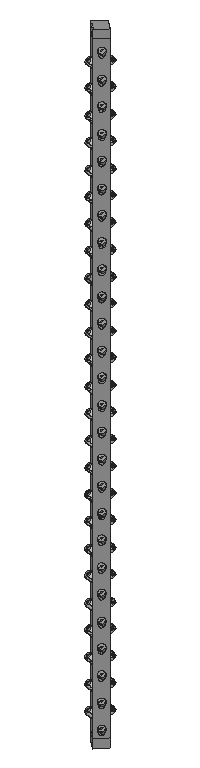
Revit family "Vertical Farm C", category Columns, Revit 2024
Family settings
  OmniClass Number = 23.25.30.11.14.11
  OmniClass Title = Columns
  Cut with Voids When Loaded = No
  Automatically joins geometry to walls = Yes
  Shared = No
  Show family pre-cut in plan views = Yes
Parameters
  top of C = 0' - 0"
  bottom of C = 0' - 0"
  Width = 2' - 0"
  Depth = 2' - 0"
Reference planes (in)
  plane 1 "Center (Front/Back)": y = 0
  plane 2: z = 0
  plane 3 "Center (Left/Right)": x = 0
  plane 4 "Left": x = -12
  plane 5 "Right": x = 12
  plane 6 "Back": y = 12
  plane 7 "Front": y = -12
Forms (in)
  Extrusion 1, solid, not visible
    sketch origin (6.67882, 14.55861, 11.17659) x (0.707107, -0.707107, 0) y (0.5, 0.5, -0.707107)
      loop
        circle (0, 0) r 0.3125
      loop
        circle (0, 0) r 1
    from 0 to -3
  Extrusion 2, solid, not visible
    sketch origin (6.67882, 14.55861, 11.17659) x (0.707107, -0.707107, 0) y (0.5, 0.5, -0.707107)
      loop
        circle (0, 0) r 1
      loop
        circle (0, 0) r 1.125
    from -0.35396 to -3
  Extrusion 3, void, not visible
    sketch origin (6.67882, 14.55861, 11.17659) x (0.707107, -0.707107, 0) y (0.5, 0.5, -0.707107)
      loop
        circle (0, 0) r 1.125
      loop
        circle (0, 0) r 1.09375
    from -0.35396 to -3
  Extrusion 4, solid, not visible
    sketch origin (6.67882, 14.55861, 11.17659) x (0.707107, -0.707107, 0) y (0.5, 0.5, -0.707107)
      loop
        circle (0, 0) r 0.3125
      loop
        circle (0, 0) r 1
    from 0 to -3
  Extrusion 5, solid, not visible
    sketch origin (6.67882, 14.55861, 11.17659) x (0.707107, -0.707107, 0) y (0.5, 0.5, -0.707107)
      loop
        circle (0, 0) r 1
      loop
        circle (0, 0) r 1.125
    from -0.35396 to -3
  Extrusion 6, void, not visible
    sketch origin (6.67882, 14.55861, 11.17659) x (0.707107, -0.707107, 0) y (0.5, 0.5, -0.707107)
      loop
        circle (0, 0) r 1.125
      loop
        circle (0, 0) r 1.09375
    from -0.35396 to -3
  Extrusion 7, solid, not visible
    sketch origin (6.67882, 14.55861, 19.91682) x (0.707107, -0.707107, 0) y (0.5, 0.5, -0.707107)
      loop
        circle (0, 0) r 0.3125
      loop
        circle (0, 0) r 1
    from 0 to -3
  Extrusion 8, solid, not visible
    sketch origin (6.67882, 14.55861, 19.91682) x (0.707107, -0.707107, 0) y (0.5, 0.5, -0.707107)
      loop
        circle (0, 0) r 1
      loop
        circle (0, 0) r 1.125
    from -0.35396 to -3
  Extrusion 9, void, not visible
    sketch origin (6.67882, 14.55861, 19.91682) x (0.707107, -0.707107, 0) y (0.5, 0.5, -0.707107)
      loop
        circle (0, 0) r 1.125
      loop
        circle (0, 0) r 1.09375
    from -0.35396 to -3
  Extrusion 10, solid, not visible
    sketch origin (6.67882, 14.55861, 28.66682) x (0.707107, -0.707107, 0) y (0.5, 0.5, -0.707107)
      loop
        circle (0, 0) r 0.3125
      loop
        circle (0, 0) r 1
    from 0 to -3
  Extrusion 11, solid, not visible
    sketch origin (6.67882, 14.55861, 28.66682) x (0.707107, -0.707107, 0) y (0.5, 0.5, -0.707107)
      loop
        circle (0, 0) r 1
      loop
        circle (0, 0) r 1.125
    from -0.35396 to -3
  Extrusion 12, void, not visible
    sketch origin (6.67882, 14.55861, 28.66682) x (0.707107, -0.707107, 0) y (0.5, 0.5, -0.707107)
      loop
        circle (0, 0) r 1.125
      loop
        circle (0, 0) r 1.09375
    from -0.35396 to -3
  Extrusion 13, solid, not visible
    sketch origin (6.67882, 14.55861, 37.41682) x (0.707107, -0.707107, 0) y (0.5, 0.5, -0.707107)
      loop
        circle (0, 0) r 0.3125
      loop
        circle (0, 0) r 1
    from 0 to -3
  Extrusion 14, solid, not visible
    sketch origin (6.67882, 14.55861, 37.41682) x (0.707107, -0.707107, 0) y (0.5, 0.5, -0.707107)
      loop
        circle (0, 0) r 1
      loop
        circle (0, 0) r 1.125
    from -0.35396 to -3
  Extrusion 15, void, not visible
    sketch origin (6.67882, 14.55861, 37.41682) x (0.707107, -0.707107, 0) y (0.5, 0.5, -0.707107)
      loop
        circle (0, 0) r 1.125
      loop
        circle (0, 0) r 1.09375
    from -0.35396 to -3
  Extrusion 16, solid, not visible
    sketch origin (6.67882, 14.55861, 45.91682) x (0.707107, -0.707107, 0) y (0.5, 0.5, -0.707107)
      loop
        circle (0, 0) r 0.3125
      loop
        circle (0, 0) r 1
    from 0 to -3
  Extrusion 17, solid, not visible
    sketch origin (6.67882, 14.55861, 45.91682) x (0.707107, -0.707107, 0) y (0.5, 0.5, -0.707107)
      loop
        circle (0, 0) r 1
      loop
        circle (0, 0) r 1.125
    from -0.35396 to -3
  Extrusion 18, void, not visible
    sketch origin (6.67882, 14.55861, 45.91682) x (0.707107, -0.707107, 0) y (0.5, 0.5, -0.707107)
      loop
        circle (0, 0) r 1.125
      loop
        circle (0, 0) r 1.09375
    from -0.35396 to -3
  Extrusion 19, solid, not visible
    sketch origin (6.67882, 14.55861, 54.91682) x (0.707107, -0.707107, 0) y (0.5, 0.5, -0.707107)
      loop
        circle (0, 0) r 0.3125
      loop
        circle (0, 0) r 1
    from 0 to -3
  Extrusion 20, solid, not visible
    sketch origin (6.67882, 14.55861, 54.91682) x (0.707107, -0.707107, 0) y (0.5, 0.5, -0.707107)
      loop
        circle (0, 0) r 1
      loop
        circle (0, 0) r 1.125
    from -0.35396 to -3
  Extrusion 21, void, not visible
    sketch origin (6.67882, 14.55861, 54.91682) x (0.707107, -0.707107, 0) y (0.5, 0.5, -0.707107)
      loop
        circle (0, 0) r 1.125
      loop
        circle (0, 0) r 1.09375
    from -0.35396 to -3
  Extrusion 22, solid, not visible
    sketch origin (6.67882, 14.55861, 72.41682) x (0.707107, -0.707107, 0) y (0.5, 0.5, -0.707107)
      loop
        circle (0, 0) r 0.3125
      loop
        circle (0, 0) r 1
    from 0 to -3
  Extrusion 23, solid, not visible
    sketch origin (6.67882, 14.55861, 72.41682) x (0.707107, -0.707107, 0) y (0.5, 0.5, -0.707107)
      loop
        circle (0, 0) r 1
      loop
        circle (0, 0) r 1.125
    from -0.35396 to -3
  Extrusion 24, void, not visible
    sketch origin (6.67882, 14.55861, 72.41682) x (0.707107, -0.707107, 0) y (0.5, 0.5, -0.707107)
      loop
        circle (0, 0) r 1.125
      loop
        circle (0, 0) r 1.09375
    from -0.35396 to -3
  Extrusion 25, solid, not visible
    sketch origin (6.67882, 14.55861, 63.41682) x (0.707107, -0.707107, 0) y (0.5, 0.5, -0.707107)
      loop
        circle (0, 0) r 0.3125
      loop
        circle (0, 0) r 1
    from 0 to -3
  Extrusion 26, solid, not visible
    sketch origin (6.67882, 14.55861, 63.41682) x (0.707107, -0.707107, 0) y (0.5, 0.5, -0.707107)
      loop
        circle (0, 0) r 1
      loop
        circle (0, 0) r 1.125
    from -0.35396 to -3
  Extrusion 27, void, not visible
    sketch origin (6.67882, 14.55861, 63.41682) x (0.707107, -0.707107, 0) y (0.5, 0.5, -0.707107)
      loop
        circle (0, 0) r 1.125
      loop
        circle (0, 0) r 1.09375
    from -0.35396 to -3
  Extrusion 28, solid, not visible
    sketch origin (6.67882, 14.55861, 80.91682) x (0.707107, -0.707107, 0) y (0.5, 0.5, -0.707107)
      loop
        circle (0, 0) r 0.3125
      loop
        circle (0, 0) r 1
    from 0 to -3
  Extrusion 29, solid, not visible
    sketch origin (6.67882, 14.55861, 80.91682) x (0.707107, -0.707107, 0) y (0.5, 0.5, -0.707107)
      loop
        circle (0, 0) r 1
      loop
        circle (0, 0) r 1.125
    from -0.35396 to -3
  Extrusion 30, void, not visible
    sketch origin (6.67882, 14.55861, 80.91682) x (0.707107, -0.707107, 0) y (0.5, 0.5, -0.707107)
      loop
        circle (0, 0) r 1.125
      loop
        circle (0, 0) r 1.09375
    from -0.35396 to -3
  Extrusion 31, solid, material "vert garm", not visible
    sketch origin (-11.45363, -5.51693, 3) x (0.707107, -0.707107, 0) y (0.707107, 0.707107, 0)
      loop
        line (7.73342, 12) -> (4.19788, 15.53553) -> (0.66235, 12) -> (4.19788, 8.46447) -> (7.73342, 12)
    from 0 to 225.28125
  Extrusion 32, solid, material "vert garm", not visible
    sketch origin (-11.45363, -5.51693, 0) x (0.707107, -0.707107, 0) y (0.707107, 0.707107, 0)
      loop
        line (7.73342, 12) -> (4.19788, 15.53553) -> (0.66235, 12) -> (4.19788, 8.46447) -> (7.73342, 12)
    from 0 to 3
  Extrusion 33, solid, material "vert garm", not visible
    sketch origin (0, 0, 231.28125) x (0.707107, -0.707107, 0) y (0.707107, 0.707107, 0)
      loop
        line (-3.53553, 0) -> (0, -3.53553) -> (3.53553, 0) -> (0, 3.53553) -> (-3.53553, 0)
    from -3 to 0
  Extrusion 34, solid, material "vert garm", not visible
    sketch origin (3.5635, 0.05492, 11.17659) x (0, -1, 0) y (0.707107, 0, -0.707107)
      loop
        circle (0, 0) r 0.3125
      loop
        circle (0, 0) r 1
    from 0 to -3
  Extrusion 35, solid, not visible
    sketch origin (3.5635, 0.05492, 11.17659) x (0, -1, 0) y (0.707107, 0, -0.707107)
      loop
        circle (0, 0) r 1
      loop
        circle (0, 0) r 1.125
    from -0.35396 to -3
  Extrusion 36, void, not visible
    sketch origin (3.5635, 0.05492, 11.17659) x (0, -1, 0) y (0.707107, 0, -0.707107)
      loop
        circle (0, 0) r 1.125
      loop
        circle (0, 0) r 1.09375
    from -0.35396 to -3
  Extrusion 37, solid, material "vert garm", not visible
    sketch origin (3.5635, 0.05492, 19.91682) x (0, -1, 0) y (0.707107, 0, -0.707107)
      loop
        circle (0, 0) r 0.3125
      loop
        circle (0, 0) r 1
    from 0 to -3
  Extrusion 38, solid, not visible
    sketch origin (3.5635, 0.05492, 19.91682) x (0, -1, 0) y (0.707107, 0, -0.707107)
      loop
        circle (0, 0) r 1
      loop
        circle (0, 0) r 1.125
    from -0.35396 to -3
  Extrusion 39, void, not visible
    sketch origin (3.5635, 0.05492, 19.91682) x (0, -1, 0) y (0.707107, 0, -0.707107)
      loop
        circle (0, 0) r 1.125
      loop
        circle (0, 0) r 1.09375
    from -0.35396 to -3
  Extrusion 40, solid, material "vert garm", not visible
    sketch origin (3.5635, 0.05492, 28.66682) x (0, -1, 0) y (0.707107, 0, -0.707107)
      loop
        circle (0, 0) r 0.3125
      loop
        circle (0, 0) r 1
    from 0 to -3
  Extrusion 41, solid, not visible
    sketch origin (3.5635, 0.05492, 28.66682) x (0, -1, 0) y (0.707107, 0, -0.707107)
      loop
        circle (0, 0) r 1
      loop
        circle (0, 0) r 1.125
    from -0.35396 to -3
  Extrusion 42, void, not visible
    sketch origin (3.5635, 0.05492, 28.66682) x (0, -1, 0) y (0.707107, 0, -0.707107)
      loop
        circle (0, 0) r 1.125
      loop
        circle (0, 0) r 1.09375
    from -0.35396 to -3
  Extrusion 43, solid, material "vert garm", not visible
    sketch origin (3.5635, 0.05492, 37.41682) x (0, -1, 0) y (0.707107, 0, -0.707107)
      loop
        circle (0, 0) r 0.3125
      loop
        circle (0, 0) r 1
    from 0 to -3
  Extrusion 44, solid, not visible
    sketch origin (3.5635, 0.05492, 37.41682) x (0, -1, 0) y (0.707107, 0, -0.707107)
      loop
        circle (0, 0) r 1
      loop
        circle (0, 0) r 1.125
    from -0.35396 to -3
  Extrusion 45, void, not visible
    sketch origin (3.5635, 0.05492, 37.41682) x (0, -1, 0) y (0.707107, 0, -0.707107)
      loop
        circle (0, 0) r 1.125
      loop
        circle (0, 0) r 1.09375
    from -0.35396 to -3
  Extrusion 46, solid, material "vert garm", not visible
    sketch origin (3.5635, 0.05492, 45.91682) x (0, -1, 0) y (0.707107, 0, -0.707107)
      loop
        circle (0, 0) r 0.3125
      loop
        circle (0, 0) r 1
    from 0 to -3
  Extrusion 47, solid, not visible
    sketch origin (3.5635, 0.05492, 45.91682) x (0, -1, 0) y (0.707107, 0, -0.707107)
      loop
        circle (0, 0) r 1
      loop
        circle (0, 0) r 1.125
    from -0.35396 to -3
  Extrusion 48, void, not visible
    sketch origin (3.5635, 0.05492, 45.91682) x (0, -1, 0) y (0.707107, 0, -0.707107)
      loop
        circle (0, 0) r 1.125
      loop
        circle (0, 0) r 1.09375
    from -0.35396 to -3
  Extrusion 49, solid, material "vert garm", not visible
    sketch origin (3.5635, 0.05492, 54.91682) x (0, -1, 0) y (0.707107, 0, -0.707107)
      loop
        circle (0, 0) r 0.3125
      loop
        circle (0, 0) r 1
    from 0 to -3
  Extrusion 50, solid, not visible
    sketch origin (3.5635, 0.05492, 54.91682) x (0, -1, 0) y (0.707107, 0, -0.707107)
      loop
        circle (0, 0) r 1
      loop
        circle (0, 0) r 1.125
    from -0.35396 to -3
  Extrusion 51, void, not visible
    sketch origin (3.5635, 0.05492, 54.91682) x (0, -1, 0) y (0.707107, 0, -0.707107)
      loop
        circle (0, 0) r 1.125
      loop
        circle (0, 0) r 1.09375
    from -0.35396 to -3
  Extrusion 52, solid, material "vert garm", not visible
    sketch origin (3.5635, 0.05492, 72.41682) x (0, -1, 0) y (0.707107, 0, -0.707107)
      loop
        circle (0, 0) r 0.3125
      loop
        circle (0, 0) r 1
    from 0 to -3
  Extrusion 53, solid, not visible
    sketch origin (3.5635, 0.05492, 72.41682) x (0, -1, 0) y (0.707107, 0, -0.707107)
      loop
        circle (0, 0) r 1
      loop
        circle (0, 0) r 1.125
    from -0.35396 to -3
  Extrusion 54, void, not visible
    sketch origin (3.5635, 0.05492, 72.41682) x (0, -1, 0) y (0.707107, 0, -0.707107)
      loop
        circle (0, 0) r 1.125
      loop
        circle (0, 0) r 1.09375
    from -0.35396 to -3
  Extrusion 55, solid, material "vert garm", not visible
    sketch origin (3.5635, 0.05492, 63.41682) x (0, -1, 0) y (0.707107, 0, -0.707107)
      loop
        circle (0, 0) r 0.3125
      loop
        circle (0, 0) r 1
    from 0 to -3
  Extrusion 56, solid, not visible
    sketch origin (3.5635, 0.05492, 63.41682) x (0, -1, 0) y (0.707107, 0, -0.707107)
      loop
        circle (0, 0) r 1
      loop
        circle (0, 0) r 1.125
    from -0.35396 to -3
  Extrusion 57, void, not visible
    sketch origin (3.5635, 0.05492, 63.41682) x (0, -1, 0) y (0.707107, 0, -0.707107)
      loop
        circle (0, 0) r 1.125
      loop
        circle (0, 0) r 1.09375
    from -0.35396 to -3
  Extrusion 58, solid, material "vert garm", not visible
    sketch origin (3.5635, 0.05492, 80.91682) x (0, -1, 0) y (0.707107, 0, -0.707107)
      loop
        circle (0, 0) r 0.3125
      loop
        circle (0, 0) r 1
    from 0 to -3
  Extrusion 59, solid, not visible
    sketch origin (3.5635, 0.05492, 80.91682) x (0, -1, 0) y (0.707107, 0, -0.707107)
      loop
        circle (0, 0) r 1
      loop
        circle (0, 0) r 1.125
    from -0.35396 to -3
  Extrusion 60, void, not visible
    sketch origin (3.5635, 0.05492, 80.91682) x (0, -1, 0) y (0.707107, 0, -0.707107)
      loop
        circle (0, 0) r 1.125
      loop
        circle (0, 0) r 1.09375
    from -0.35396 to -3
  Extrusion 61, solid, material "vert garm", not visible
    sketch origin (-3.5635, -0.05492, 11.17659) x (0, 1, 0) y (-0.707107, 0, -0.707107)
      loop
        circle (0, 0) r 0.3125
      loop
        circle (0, 0) r 1
    from 0 to -3
  Extrusion 62, solid, not visible
    sketch origin (-3.5635, -0.05492, 11.17659) x (0, 1, 0) y (-0.707107, 0, -0.707107)
      loop
        circle (0, 0) r 1
      loop
        circle (0, 0) r 1.125
    from -0.35396 to -3
  Extrusion 63, void, not visible
    sketch origin (-3.5635, -0.05492, 11.17659) x (0, 1, 0) y (-0.707107, 0, -0.707107)
      loop
        circle (0, 0) r 1.125
      loop
        circle (0, 0) r 1.09375
    from -0.35396 to -3
  Extrusion 64, solid, material "vert garm", not visible
    sketch origin (-3.5635, -0.05492, 19.91682) x (0, 1, 0) y (-0.707107, 0, -0.707107)
      loop
        circle (0, 0) r 0.3125
      loop
        circle (0, 0) r 1
    from 0 to -3
  Extrusion 65, solid, not visible
    sketch origin (-3.5635, -0.05492, 19.91682) x (0, 1, 0) y (-0.707107, 0, -0.707107)
      loop
        circle (0, 0) r 1
      loop
        circle (0, 0) r 1.125
    from -0.35396 to -3
  Extrusion 66, void, not visible
    sketch origin (-3.5635, -0.05492, 19.91682) x (0, 1, 0) y (-0.707107, 0, -0.707107)
      loop
        circle (0, 0) r 1.125
      loop
        circle (0, 0) r 1.09375
    from -0.35396 to -3
  Extrusion 67, solid, material "vert garm", not visible
    sketch origin (-3.5635, -0.05492, 28.66682) x (0, 1, 0) y (-0.707107, 0, -0.707107)
      loop
        circle (0, 0) r 0.3125
      loop
        circle (0, 0) r 1
    from 0 to -3
  Extrusion 68, solid, not visible
    sketch origin (-3.5635, -0.05492, 28.66682) x (0, 1, 0) y (-0.707107, 0, -0.707107)
      loop
        circle (0, 0) r 1
      loop
        circle (0, 0) r 1.125
    from -0.35396 to -3
  Extrusion 69, void, not visible
    sketch origin (-3.5635, -0.05492, 28.66682) x (0, 1, 0) y (-0.707107, 0, -0.707107)
      loop
        circle (0, 0) r 1.125
      loop
        circle (0, 0) r 1.09375
    from -0.35396 to -3
  Extrusion 70, solid, material "vert garm", not visible
    sketch origin (-3.5635, -0.05492, 37.41682) x (0, 1, 0) y (-0.707107, 0, -0.707107)
      loop
        circle (0, 0) r 0.3125
      loop
        circle (0, 0) r 1
    from 0 to -3
  Extrusion 71, solid, not visible
    sketch origin (-3.5635, -0.05492, 37.41682) x (0, 1, 0) y (-0.707107, 0, -0.707107)
      loop
        circle (0, 0) r 1
      loop
        circle (0, 0) r 1.125
    from -0.35396 to -3
  Extrusion 72, void, not visible
    sketch origin (-3.5635, -0.05492, 37.41682) x (0, 1, 0) y (-0.707107, 0, -0.707107)
      loop
        circle (0, 0) r 1.125
      loop
        circle (0, 0) r 1.09375
    from -0.35396 to -3
  Extrusion 73, solid, material "vert garm", not visible
    sketch origin (-3.5635, -0.05492, 45.91682) x (0, 1, 0) y (-0.707107, 0, -0.707107)
      loop
        circle (0, 0) r 0.3125
      loop
        circle (0, 0) r 1
    from 0 to -3
  Extrusion 74, solid, not visible
    sketch origin (-3.5635, -0.05492, 45.91682) x (0, 1, 0) y (-0.707107, 0, -0.707107)
      loop
        circle (0, 0) r 1
      loop
        circle (0, 0) r 1.125
    from -0.35396 to -3
  Extrusion 75, void, not visible
    sketch origin (-3.5635, -0.05492, 45.91682) x (0, 1, 0) y (-0.707107, 0, -0.707107)
      loop
        circle (0, 0) r 1.125
      loop
        circle (0, 0) r 1.09375
    from -0.35396 to -3
  Extrusion 76, solid, material "vert garm", not visible
    sketch origin (-3.5635, -0.05492, 54.91682) x (0, 1, 0) y (-0.707107, 0, -0.707107)
      loop
        circle (0, 0) r 0.3125
      loop
        circle (0, 0) r 1
    from 0 to -3
  Extrusion 77, solid, not visible
    sketch origin (-3.5635, -0.05492, 54.91682) x (0, 1, 0) y (-0.707107, 0, -0.707107)
      loop
        circle (0, 0) r 1
      loop
        circle (0, 0) r 1.125
    from -0.35396 to -3
  Extrusion 78, void, not visible
    sketch origin (-3.5635, -0.05492, 54.91682) x (0, 1, 0) y (-0.707107, 0, -0.707107)
      loop
        circle (0, 0) r 1.125
      loop
        circle (0, 0) r 1.09375
    from -0.35396 to -3
  Extrusion 79, solid, material "vert garm", not visible
    sketch origin (-3.5635, -0.05492, 72.41682) x (0, 1, 0) y (-0.707107, 0, -0.707107)
      loop
        circle (0, 0) r 0.3125
      loop
        circle (0, 0) r 1
    from 0 to -3
  Extrusion 80, solid, not visible
    sketch origin (-3.5635, -0.05492, 72.41682) x (0, 1, 0) y (-0.707107, 0, -0.707107)
      loop
        circle (0, 0) r 1
      loop
        circle (0, 0) r 1.125
    from -0.35396 to -3
  Extrusion 81, void, not visible
    sketch origin (-3.5635, -0.05492, 72.41682) x (0, 1, 0) y (-0.707107, 0, -0.707107)
      loop
        circle (0, 0) r 1.125
      loop
        circle (0, 0) r 1.09375
    from -0.35396 to -3
  Extrusion 82, solid, material "vert garm", not visible
    sketch origin (-3.5635, -0.05492, 63.41682) x (0, 1, 0) y (-0.707107, 0, -0.707107)
      loop
        circle (0, 0) r 0.3125
      loop
        circle (0, 0) r 1
    from 0 to -3
  Extrusion 83, solid, not visible
    sketch origin (-3.5635, -0.05492, 63.41682) x (0, 1, 0) y (-0.707107, 0, -0.707107)
      loop
        circle (0, 0) r 1
      loop
        circle (0, 0) r 1.125
    from -0.35396 to -3
  Extrusion 84, void, not visible
    sketch origin (-3.5635, -0.05492, 63.41682) x (0, 1, 0) y (-0.707107, 0, -0.707107)
      loop
        circle (0, 0) r 1.125
      loop
        circle (0, 0) r 1.09375
    from -0.35396 to -3
  Extrusion 85, solid, material "vert garm", not visible
    sketch origin (-3.5635, -0.05492, 80.91682) x (0, 1, 0) y (-0.707107, 0, -0.707107)
      loop
        circle (0, 0) r 0.3125
      loop
        circle (0, 0) r 1
    from 0 to -3
  Extrusion 86, solid, not visible
    sketch origin (-3.5635, -0.05492, 80.91682) x (0, 1, 0) y (-0.707107, 0, -0.707107)
      loop
        circle (0, 0) r 1
      loop
        circle (0, 0) r 1.125
    from -0.35396 to -3
  Extrusion 87, void, not visible
    sketch origin (-3.5635, -0.05492, 80.91682) x (0, 1, 0) y (-0.707107, 0, -0.707107)
      loop
        circle (0, 0) r 1.125
      loop
        circle (0, 0) r 1.09375
    from -0.35396 to -3
  Extrusion 88, solid, material "vert garm", not visible
    sketch origin (0.05492, -3.5635, 6.67659) x (-1, 0, 0) y (0, -0.707107, -0.707107)
      loop
        circle (0, 0) r 0.3125
      loop
        circle (0, 0) r 1
    from 0 to -3
  Extrusion 89, solid, not visible
    sketch origin (0.05492, -3.5635, 6.67659) x (-1, 0, 0) y (0, -0.707107, -0.707107)
      loop
        circle (0, 0) r 1
      loop
        circle (0, 0) r 1.125
    from -0.35396 to -3
  Extrusion 90, void, not visible
    sketch origin (0.05492, -3.5635, 6.67659) x (-1, 0, 0) y (0, -0.707107, -0.707107)
      loop
        circle (0, 0) r 1.125
      loop
        circle (0, 0) r 1.09375
    from -0.35396 to -3
  Extrusion 91, solid, material "vert garm", not visible
    sketch origin (0.05492, -3.5635, 15.41682) x (-1, 0, 0) y (0, -0.707107, -0.707107)
      loop
        circle (0, 0) r 0.3125
      loop
        circle (0, 0) r 1
    from 0 to -3
  Extrusion 92, solid, not visible
    sketch origin (0.05492, -3.5635, 15.41682) x (-1, 0, 0) y (0, -0.707107, -0.707107)
      loop
        circle (0, 0) r 1
      loop
        circle (0, 0) r 1.125
    from -0.35396 to -3
  Extrusion 93, void, not visible
    sketch origin (0.05492, -3.5635, 15.41682) x (-1, 0, 0) y (0, -0.707107, -0.707107)
      loop
        circle (0, 0) r 1.125
      loop
        circle (0, 0) r 1.09375
    from -0.35396 to -3
  Extrusion 94, solid, material "vert garm", not visible
    sketch origin (0.05492, -3.5635, 24.16682) x (-1, 0, 0) y (0, -0.707107, -0.707107)
      loop
        circle (0, 0) r 0.3125
      loop
        circle (0, 0) r 1
    from 0 to -3
  Extrusion 95, solid, not visible
    sketch origin (0.05492, -3.5635, 24.16682) x (-1, 0, 0) y (0, -0.707107, -0.707107)
      loop
        circle (0, 0) r 1
      loop
        circle (0, 0) r 1.125
    from -0.35396 to -3
  Extrusion 96, void, not visible
    sketch origin (0.05492, -3.5635, 24.16682) x (-1, 0, 0) y (0, -0.707107, -0.707107)
      loop
        circle (0, 0) r 1.125
      loop
        circle (0, 0) r 1.09375
    from -0.35396 to -3
  Extrusion 97, solid, material "vert garm", not visible
    sketch origin (0.05492, -3.5635, 32.91682) x (-1, 0, 0) y (0, -0.707107, -0.707107)
      loop
        circle (0, 0) r 0.3125
      loop
        circle (0, 0) r 1
    from 0 to -3
  Extrusion 98, solid, not visible
    sketch origin (0.05492, -3.5635, 32.91682) x (-1, 0, 0) y (0, -0.707107, -0.707107)
      loop
        circle (0, 0) r 1
      loop
        circle (0, 0) r 1.125
    from -0.35396 to -3
  Extrusion 99, void, not visible
    sketch origin (0.05492, -3.5635, 32.91682) x (-1, 0, 0) y (0, -0.707107, -0.707107)
      loop
        circle (0, 0) r 1.125
      loop
        circle (0, 0) r 1.09375
    from -0.35396 to -3
  Extrusion 100, solid, material "vert garm", not visible
    sketch origin (0.05492, -3.5635, 41.41682) x (-1, 0, 0) y (0, -0.707107, -0.707107)
      loop
        circle (0, 0) r 0.3125
      loop
        circle (0, 0) r 1
    from 0 to -3
  Extrusion 101, solid, not visible
    sketch origin (0.05492, -3.5635, 41.41682) x (-1, 0, 0) y (0, -0.707107, -0.707107)
      loop
        circle (0, 0) r 1
      loop
        circle (0, 0) r 1.125
    from -0.35396 to -3
  Extrusion 102, void, not visible
    sketch origin (0.05492, -3.5635, 41.41682) x (-1, 0, 0) y (0, -0.707107, -0.707107)
      loop
        circle (0, 0) r 1.125
      loop
        circle (0, 0) r 1.09375
    from -0.35396 to -3
  Extrusion 103, solid, material "vert garm", not visible
    sketch origin (0.05492, -3.5635, 50.41682) x (-1, 0, 0) y (0, -0.707107, -0.707107)
      loop
        circle (0, 0) r 0.3125
      loop
        circle (0, 0) r 1
    from 0 to -3
  Extrusion 104, solid, not visible
    sketch origin (0.05492, -3.5635, 50.41682) x (-1, 0, 0) y (0, -0.707107, -0.707107)
      loop
        circle (0, 0) r 1
      loop
        circle (0, 0) r 1.125
    from -0.35396 to -3
  Extrusion 105, void, not visible
    sketch origin (0.05492, -3.5635, 50.41682) x (-1, 0, 0) y (0, -0.707107, -0.707107)
      loop
        circle (0, 0) r 1.125
      loop
        circle (0, 0) r 1.09375
    from -0.35396 to -3
  Extrusion 106, solid, material "vert garm", not visible
    sketch origin (0.05492, -3.5635, 67.91682) x (-1, 0, 0) y (0, -0.707107, -0.707107)
      loop
        circle (0, 0) r 0.3125
      loop
        circle (0, 0) r 1
    from 0 to -3
  Extrusion 107, solid, not visible
    sketch origin (0.05492, -3.5635, 67.91682) x (-1, 0, 0) y (0, -0.707107, -0.707107)
      loop
        circle (0, 0) r 1
      loop
        circle (0, 0) r 1.125
    from -0.35396 to -3
  Extrusion 108, void, not visible
    sketch origin (0.05492, -3.5635, 67.91682) x (-1, 0, 0) y (0, -0.707107, -0.707107)
      loop
        circle (0, 0) r 1.125
      loop
        circle (0, 0) r 1.09375
    from -0.35396 to -3
  Extrusion 109, solid, material "vert garm", not visible
    sketch origin (0.05492, -3.5635, 58.91682) x (-1, 0, 0) y (0, -0.707107, -0.707107)
      loop
        circle (0, 0) r 0.3125
      loop
        circle (0, 0) r 1
    from 0 to -3
  Extrusion 110, solid, not visible
    sketch origin (0.05492, -3.5635, 58.91682) x (-1, 0, 0) y (0, -0.707107, -0.707107)
      loop
        circle (0, 0) r 1
      loop
        circle (0, 0) r 1.125
    from -0.35396 to -3
  Extrusion 111, void, not visible
    sketch origin (0.05492, -3.5635, 58.91682) x (-1, 0, 0) y (0, -0.707107, -0.707107)
      loop
        circle (0, 0) r 1.125
      loop
        circle (0, 0) r 1.09375
    from -0.35396 to -3
  Extrusion 112, solid, material "vert garm", not visible
    sketch origin (0.05492, -3.5635, 76.41682) x (-1, 0, 0) y (0, -0.707107, -0.707107)
      loop
        circle (0, 0) r 0.3125
      loop
        circle (0, 0) r 1
    from 0 to -3
  Extrusion 113, solid, not visible
    sketch origin (0.05492, -3.5635, 76.41682) x (-1, 0, 0) y (0, -0.707107, -0.707107)
      loop
        circle (0, 0) r 1
      loop
        circle (0, 0) r 1.125
    from -0.35396 to -3
  Extrusion 114, void, not visible
    sketch origin (0.05492, -3.5635, 76.41682) x (-1, 0, 0) y (0, -0.707107, -0.707107)
      loop
        circle (0, 0) r 1.125
      loop
        circle (0, 0) r 1.09375
    from -0.35396 to -3
  Extrusion 115, solid, material "vert garm", not visible
    sketch origin (-0.05492, 3.5635, 6.67659) x (1, 0, 0) y (0, 0.707107, -0.707107)
      loop
        circle (0, 0) r 0.3125
      loop
        circle (0, 0) r 1
    from 0 to -3
  Extrusion 116, solid, not visible
    sketch origin (-0.05492, 3.5635, 6.67659) x (1, 0, 0) y (0, 0.707107, -0.707107)
      loop
        circle (0, 0) r 1
      loop
        circle (0, 0) r 1.125
    from -0.35396 to -3
  Extrusion 117, void, not visible
    sketch origin (-0.05492, 3.5635, 6.67659) x (1, 0, 0) y (0, 0.707107, -0.707107)
      loop
        circle (0, 0) r 1.125
      loop
        circle (0, 0) r 1.09375
    from -0.35396 to -3
  Extrusion 118, solid, material "vert garm", not visible
    sketch origin (-0.05492, 3.5635, 15.41682) x (1, 0, 0) y (0, 0.707107, -0.707107)
      loop
        circle (0, 0) r 0.3125
      loop
        circle (0, 0) r 1
    from 0 to -3
  Extrusion 119, solid, not visible
    sketch origin (-0.05492, 3.5635, 15.41682) x (1, 0, 0) y (0, 0.707107, -0.707107)
      loop
        circle (0, 0) r 1
      loop
        circle (0, 0) r 1.125
    from -0.35396 to -3
  Extrusion 120, void, not visible
    sketch origin (-0.05492, 3.5635, 15.41682) x (1, 0, 0) y (0, 0.707107, -0.707107)
      loop
        circle (0, 0) r 1.125
      loop
        circle (0, 0) r 1.09375
    from -0.35396 to -3
  Extrusion 121, solid, material "vert garm", not visible
    sketch origin (-0.05492, 3.5635, 24.16682) x (1, 0, 0) y (0, 0.707107, -0.707107)
      loop
        circle (0, 0) r 0.3125
      loop
        circle (0, 0) r 1
    from 0 to -3
  Extrusion 122, solid, not visible
    sketch origin (-0.05492, 3.5635, 24.16682) x (1, 0, 0) y (0, 0.707107, -0.707107)
      loop
        circle (0, 0) r 1
      loop
        circle (0, 0) r 1.125
    from -0.35396 to -3
  Extrusion 123, void, not visible
    sketch origin (-0.05492, 3.5635, 24.16682) x (1, 0, 0) y (0, 0.707107, -0.707107)
      loop
        circle (0, 0) r 1.125
      loop
        circle (0, 0) r 1.09375
    from -0.35396 to -3
  Extrusion 124, solid, material "vert garm", not visible
    sketch origin (-0.05492, 3.5635, 32.91682) x (1, 0, 0) y (0, 0.707107, -0.707107)
      loop
        circle (0, 0) r 0.3125
      loop
        circle (0, 0) r 1
    from 0 to -3
  Extrusion 125, solid, not visible
    sketch origin (-0.05492, 3.5635, 32.91682) x (1, 0, 0) y (0, 0.707107, -0.707107)
      loop
        circle (0, 0) r 1
      loop
        circle (0, 0) r 1.125
    from -0.35396 to -3
  Extrusion 126, void, not visible
    sketch origin (-0.05492, 3.5635, 32.91682) x (1, 0, 0) y (0, 0.707107, -0.707107)
      loop
        circle (0, 0) r 1.125
      loop
        circle (0, 0) r 1.09375
    from -0.35396 to -3
  Extrusion 127, solid, material "vert garm", not visible
    sketch origin (-0.05492, 3.5635, 41.41682) x (1, 0, 0) y (0, 0.707107, -0.707107)
      loop
        circle (0, 0) r 0.3125
      loop
        circle (0, 0) r 1
    from 0 to -3
  Extrusion 128, solid, not visible
    sketch origin (-0.05492, 3.5635, 41.41682) x (1, 0, 0) y (0, 0.707107, -0.707107)
      loop
        circle (0, 0) r 1
      loop
        circle (0, 0) r 1.125
    from -0.35396 to -3
  Extrusion 129, void, not visible
    sketch origin (-0.05492, 3.5635, 41.41682) x (1, 0, 0) y (0, 0.707107, -0.707107)
      loop
        circle (0, 0) r 1.125
      loop
        circle (0, 0) r 1.09375
    from -0.35396 to -3
  Extrusion 130, solid, material "vert garm", not visible
    sketch origin (-0.05492, 3.5635, 50.41682) x (1, 0, 0) y (0, 0.707107, -0.707107)
      loop
        circle (0, 0) r 0.3125
      loop
        circle (0, 0) r 1
    from 0 to -3
  Extrusion 131, solid, not visible
    sketch origin (-0.05492, 3.5635, 50.41682) x (1, 0, 0) y (0, 0.707107, -0.707107)
      loop
        circle (0, 0) r 1
      loop
        circle (0, 0) r 1.125
    from -0.35396 to -3
  Extrusion 132, void, not visible
    sketch origin (-0.05492, 3.5635, 50.41682) x (1, 0, 0) y (0, 0.707107, -0.707107)
      loop
        circle (0, 0) r 1.125
      loop
        circle (0, 0) r 1.09375
    from -0.35396 to -3
  Extrusion 133, solid, material "vert garm", not visible
    sketch origin (-0.05492, 3.5635, 67.91682) x (1, 0, 0) y (0, 0.707107, -0.707107)
      loop
        circle (0, 0) r 0.3125
      loop
        circle (0, 0) r 1
    from 0 to -3
  Extrusion 134, solid, not visible
    sketch origin (-0.05492, 3.5635, 67.91682) x (1, 0, 0) y (0, 0.707107, -0.707107)
      loop
        circle (0, 0) r 1
      loop
        circle (0, 0) r 1.125
    from -0.35396 to -3
  Extrusion 135, void, not visible
    sketch origin (-0.05492, 3.5635, 67.91682) x (1, 0, 0) y (0, 0.707107, -0.707107)
      loop
        circle (0, 0) r 1.125
      loop
        circle (0, 0) r 1.09375
    from -0.35396 to -3
  Extrusion 136, solid, material "vert garm", not visible
    sketch origin (-0.05492, 3.5635, 58.91682) x (1, 0, 0) y (0, 0.707107, -0.707107)
      loop
        circle (0, 0) r 0.3125
      loop
        circle (0, 0) r 1
    from 0 to -3
  Extrusion 137, solid, not visible
    sketch origin (-0.05492, 3.5635, 58.91682) x (1, 0, 0) y (0, 0.707107, -0.707107)
      loop
        circle (0, 0) r 1
      loop
        circle (0, 0) r 1.125
    from -0.35396 to -3
  Extrusion 138, void, not visible
    sketch origin (-0.05492, 3.5635, 58.91682) x (1, 0, 0) y (0, 0.707107, -0.707107)
      loop
        circle (0, 0) r 1.125
      loop
        circle (0, 0) r 1.09375
    from -0.35396 to -3
  Extrusion 139, solid, material "vert garm", not visible
    sketch origin (-0.05492, 3.5635, 76.41682) x (1, 0, 0) y (0, 0.707107, -0.707107)
      loop
        circle (0, 0) r 0.3125
      loop
        circle (0, 0) r 1
    from 0 to -3
  Extrusion 140, solid, not visible
    sketch origin (-0.05492, 3.5635, 76.41682) x (1, 0, 0) y (0, 0.707107, -0.707107)
      loop
        circle (0, 0) r 1
      loop
        circle (0, 0) r 1.125
    from -0.35396 to -3
  Extrusion 141, void, not visible
    sketch origin (-0.05492, 3.5635, 76.41682) x (1, 0, 0) y (0, 0.707107, -0.707107)
      loop
        circle (0, 0) r 1.125
      loop
        circle (0, 0) r 1.09375
    from -0.35396 to -3
  Extrusion 142, solid, material "vert garm", not visible
    sketch origin (0.11167, -3.62025, 76.42659) x (-1, 0, 0) y (0, -0.707107, -0.707107)
      loop
        circle (0, 0) r 0.3125
      loop
        circle (0, 0) r 1
    from 0 to -3
  Extrusion 143, solid, not visible
    sketch origin (0.11167, -3.62025, 76.42659) x (-1, 0, 0) y (0, -0.707107, -0.707107)
      loop
        circle (0, 0) r 1
      loop
        circle (0, 0) r 1.125
    from -0.35396 to -3
  Extrusion 144, void, not visible
    sketch origin (0.11167, -3.62025, 76.42659) x (-1, 0, 0) y (0, -0.707107, -0.707107)
      loop
        circle (0, 0) r 1.125
      loop
        circle (0, 0) r 1.09375
    from -0.35396 to -3
  Extrusion 145, solid, material "vert garm", not visible
    sketch origin (0.11167, -3.62025, 85.16682) x (-1, 0, 0) y (0, -0.707107, -0.707107)
      loop
        circle (0, 0) r 0.3125
      loop
        circle (0, 0) r 1
    from 0 to -3
  Extrusion 146, solid, not visible
    sketch origin (0.11167, -3.62025, 85.16682) x (-1, 0, 0) y (0, -0.707107, -0.707107)
      loop
        circle (0, 0) r 1
      loop
        circle (0, 0) r 1.125
    from -0.35396 to -3
  Extrusion 147, void, not visible
    sketch origin (0.11167, -3.62025, 85.16682) x (-1, 0, 0) y (0, -0.707107, -0.707107)
      loop
        circle (0, 0) r 1.125
      loop
        circle (0, 0) r 1.09375
    from -0.35396 to -3
  Extrusion 148, solid, material "vert garm", not visible
    sketch origin (0.11167, -3.62025, 93.91682) x (-1, 0, 0) y (0, -0.707107, -0.707107)
      loop
        circle (0, 0) r 0.3125
      loop
        circle (0, 0) r 1
    from 0 to -3
  Extrusion 149, solid, not visible
    sketch origin (0.11167, -3.62025, 93.91682) x (-1, 0, 0) y (0, -0.707107, -0.707107)
      loop
        circle (0, 0) r 1
      loop
        circle (0, 0) r 1.125
    from -0.35396 to -3
  Extrusion 150, void, not visible
    sketch origin (0.11167, -3.62025, 93.91682) x (-1, 0, 0) y (0, -0.707107, -0.707107)
      loop
        circle (0, 0) r 1.125
      loop
        circle (0, 0) r 1.09375
    from -0.35396 to -3
  Extrusion 151, solid, material "vert garm", not visible
    sketch origin (0.11167, -3.62025, 102.66682) x (-1, 0, 0) y (0, -0.707107, -0.707107)
      loop
        circle (0, 0) r 0.3125
      loop
        circle (0, 0) r 1
    from 0 to -3
  Extrusion 152, solid, not visible
    sketch origin (0.11167, -3.62025, 102.66682) x (-1, 0, 0) y (0, -0.707107, -0.707107)
      loop
        circle (0, 0) r 1
      loop
        circle (0, 0) r 1.125
    from -0.35396 to -3
  Extrusion 153, void, not visible
    sketch origin (0.11167, -3.62025, 102.66682) x (-1, 0, 0) y (0, -0.707107, -0.707107)
      loop
        circle (0, 0) r 1.125
      loop
        circle (0, 0) r 1.09375
    from -0.35396 to -3
  Extrusion 154, solid, material "vert garm", not visible
    sketch origin (0.11167, -3.62025, 111.16682) x (-1, 0, 0) y (0, -0.707107, -0.707107)
      loop
        circle (0, 0) r 0.3125
      loop
        circle (0, 0) r 1
    from 0 to -3
  Extrusion 155, solid, not visible
    sketch origin (0.11167, -3.62025, 111.16682) x (-1, 0, 0) y (0, -0.707107, -0.707107)
      loop
        circle (0, 0) r 1
      loop
        circle (0, 0) r 1.125
    from -0.35396 to -3
  Extrusion 156, void, not visible
    sketch origin (0.11167, -3.62025, 111.16682) x (-1, 0, 0) y (0, -0.707107, -0.707107)
      loop
        circle (0, 0) r 1.125
      loop
        circle (0, 0) r 1.09375
    from -0.35396 to -3
  Extrusion 157, solid, material "vert garm", not visible
    sketch origin (0.11167, -3.62025, 120.16682) x (-1, 0, 0) y (0, -0.707107, -0.707107)
      loop
        circle (0, 0) r 0.3125
      loop
        circle (0, 0) r 1
    from 0 to -3
  Extrusion 158, solid, not visible
    sketch origin (0.11167, -3.62025, 120.16682) x (-1, 0, 0) y (0, -0.707107, -0.707107)
      loop
        circle (0, 0) r 1
      loop
        circle (0, 0) r 1.125
    from -0.35396 to -3
  Extrusion 159, void, not visible
    sketch origin (0.11167, -3.62025, 120.16682) x (-1, 0, 0) y (0, -0.707107, -0.707107)
      loop
        circle (0, 0) r 1.125
      loop
        circle (0, 0) r 1.09375
    from -0.35396 to -3
  Extrusion 160, solid, material "vert garm", not visible
    sketch origin (0.11167, -3.62025, 137.66682) x (-1, 0, 0) y (0, -0.707107, -0.707107)
      loop
        circle (0, 0) r 0.3125
      loop
        circle (0, 0) r 1
    from 0 to -3
  Extrusion 161, solid, not visible
    sketch origin (0.11167, -3.62025, 137.66682) x (-1, 0, 0) y (0, -0.707107, -0.707107)
      loop
        circle (0, 0) r 1
      loop
        circle (0, 0) r 1.125
    from -0.35396 to -3
  Extrusion 162, void, not visible
    sketch origin (0.11167, -3.62025, 137.66682) x (-1, 0, 0) y (0, -0.707107, -0.707107)
      loop
        circle (0, 0) r 1.125
      loop
        circle (0, 0) r 1.09375
    from -0.35396 to -3
  Extrusion 163, solid, material "vert garm", not visible
    sketch origin (0.11167, -3.62025, 128.66682) x (-1, 0, 0) y (0, -0.707107, -0.707107)
      loop
        circle (0, 0) r 0.3125
      loop
        circle (0, 0) r 1
    from 0 to -3
  Extrusion 164, solid, not visible
    sketch origin (0.11167, -3.62025, 128.66682) x (-1, 0, 0) y (0, -0.707107, -0.707107)
      loop
        circle (0, 0) r 1
      loop
        circle (0, 0) r 1.125
    from -0.35396 to -3
  Extrusion 165, void, not visible
    sketch origin (0.11167, -3.62025, 128.66682) x (-1, 0, 0) y (0, -0.707107, -0.707107)
      loop
        circle (0, 0) r 1.125
      loop
        circle (0, 0) r 1.09375
    from -0.35396 to -3
  Extrusion 166, solid, material "vert garm", not visible
    sketch origin (0.11167, -3.62025, 146.16682) x (-1, 0, 0) y (0, -0.707107, -0.707107)
      loop
        circle (0, 0) r 0.3125
      loop
        circle (0, 0) r 1
    from 0 to -3
  Extrusion 167, solid, not visible
    sketch origin (0.11167, -3.62025, 146.16682) x (-1, 0, 0) y (0, -0.707107, -0.707107)
      loop
        circle (0, 0) r 1
      loop
        circle (0, 0) r 1.125
    from -0.35396 to -3
  Extrusion 168, void, not visible
    sketch origin (0.11167, -3.62025, 146.16682) x (-1, 0, 0) y (0, -0.707107, -0.707107)
      loop
        circle (0, 0) r 1.125
      loop
        circle (0, 0) r 1.09375
    from -0.35396 to -3
  Extrusion 169, solid, material "vert garm", not visible
    sketch origin (0.00182, 3.50675, 76.42659) x (1, 0, 0) y (0, 0.707107, -0.707107)
      loop
        circle (0, 0) r 0.3125
      loop
        circle (0, 0) r 1
    from 0 to -3
  Extrusion 170, solid, not visible
    sketch origin (0.00182, 3.50675, 76.42659) x (1, 0, 0) y (0, 0.707107, -0.707107)
      loop
        circle (0, 0) r 1
      loop
        circle (0, 0) r 1.125
    from -0.35396 to -3
  Extrusion 171, void, not visible
    sketch origin (0.00182, 3.50675, 76.42659) x (1, 0, 0) y (0, 0.707107, -0.707107)
      loop
        circle (0, 0) r 1.125
      loop
        circle (0, 0) r 1.09375
    from -0.35396 to -3
  Extrusion 172, solid, material "vert garm", not visible
    sketch origin (0.00182, 3.50675, 85.16682) x (1, 0, 0) y (0, 0.707107, -0.707107)
      loop
        circle (0, 0) r 0.3125
      loop
        circle (0, 0) r 1
    from 0 to -3
  Extrusion 173, solid, not visible
    sketch origin (0.00182, 3.50675, 85.16682) x (1, 0, 0) y (0, 0.707107, -0.707107)
      loop
        circle (0, 0) r 1
      loop
        circle (0, 0) r 1.125
    from -0.35396 to -3
  Extrusion 174, void, not visible
    sketch origin (0.00182, 3.50675, 85.16682) x (1, 0, 0) y (0, 0.707107, -0.707107)
      loop
        circle (0, 0) r 1.125
      loop
        circle (0, 0) r 1.09375
    from -0.35396 to -3
  Extrusion 175, solid, material "vert garm", not visible
    sketch origin (0.00182, 3.50675, 93.91682) x (1, 0, 0) y (0, 0.707107, -0.707107)
      loop
        circle (0, 0) r 0.3125
      loop
        circle (0, 0) r 1
    from 0 to -3
  Extrusion 176, solid, not visible
    sketch origin (0.00182, 3.50675, 93.91682) x (1, 0, 0) y (0, 0.707107, -0.707107)
      loop
        circle (0, 0) r 1
      loop
        circle (0, 0) r 1.125
    from -0.35396 to -3
  Extrusion 177, void, not visible
    sketch origin (0.00182, 3.50675, 93.91682) x (1, 0, 0) y (0, 0.707107, -0.707107)
      loop
        circle (0, 0) r 1.125
      loop
        circle (0, 0) r 1.09375
    from -0.35396 to -3
  Extrusion 178, solid, material "vert garm", not visible
    sketch origin (0.00182, 3.50675, 102.66682) x (1, 0, 0) y (0, 0.707107, -0.707107)
      loop
        circle (0, 0) r 0.3125
      loop
        circle (0, 0) r 1
    from 0 to -3
  Extrusion 179, solid, not visible
    sketch origin (0.00182, 3.50675, 102.66682) x (1, 0, 0) y (0, 0.707107, -0.707107)
      loop
        circle (0, 0) r 1
      loop
        circle (0, 0) r 1.125
    from -0.35396 to -3
  Extrusion 180, void, not visible
    sketch origin (0.00182, 3.50675, 102.66682) x (1, 0, 0) y (0, 0.707107, -0.707107)
      loop
        circle (0, 0) r 1.125
      loop
        circle (0, 0) r 1.09375
    from -0.35396 to -3
  Extrusion 181, solid, material "vert garm", not visible
    sketch origin (0.00182, 3.50675, 111.16682) x (1, 0, 0) y (0, 0.707107, -0.707107)
      loop
        circle (0, 0) r 0.3125
      loop
        circle (0, 0) r 1
    from 0 to -3
  Extrusion 182, solid, not visible
    sketch origin (0.00182, 3.50675, 111.16682) x (1, 0, 0) y (0, 0.707107, -0.707107)
      loop
        circle (0, 0) r 1
      loop
        circle (0, 0) r 1.125
    from -0.35396 to -3
  Extrusion 183, void, not visible
    sketch origin (0.00182, 3.50675, 111.16682) x (1, 0, 0) y (0, 0.707107, -0.707107)
      loop
        circle (0, 0) r 1.125
      loop
        circle (0, 0) r 1.09375
    from -0.35396 to -3
  Extrusion 184, solid, material "vert garm", not visible
    sketch origin (0.00182, 3.50675, 120.16682) x (1, 0, 0) y (0, 0.707107, -0.707107)
      loop
        circle (0, 0) r 0.3125
      loop
        circle (0, 0) r 1
    from 0 to -3
  Extrusion 185, solid, not visible
    sketch origin (0.00182, 3.50675, 120.16682) x (1, 0, 0) y (0, 0.707107, -0.707107)
      loop
        circle (0, 0) r 1
      loop
        circle (0, 0) r 1.125
    from -0.35396 to -3
  Extrusion 186, void, not visible
    sketch origin (0.00182, 3.50675, 120.16682) x (1, 0, 0) y (0, 0.707107, -0.707107)
      loop
        circle (0, 0) r 1.125
      loop
        circle (0, 0) r 1.09375
    from -0.35396 to -3
  Extrusion 187, solid, material "vert garm", not visible
    sketch origin (0.00182, 3.50675, 137.66682) x (1, 0, 0) y (0, 0.707107, -0.707107)
      loop
        circle (0, 0) r 0.3125
      loop
        circle (0, 0) r 1
    from 0 to -3
  Extrusion 188, solid, not visible
    sketch origin (0.00182, 3.50675, 137.66682) x (1, 0, 0) y (0, 0.707107, -0.707107)
      loop
        circle (0, 0) r 1
      loop
        circle (0, 0) r 1.125
    from -0.35396 to -3
  Extrusion 189, void, not visible
    sketch origin (0.00182, 3.50675, 137.66682) x (1, 0, 0) y (0, 0.707107, -0.707107)
      loop
        circle (0, 0) r 1.125
      loop
        circle (0, 0) r 1.09375
    from -0.35396 to -3
  Extrusion 190, solid, material "vert garm", not visible
    sketch origin (0.00182, 3.50675, 128.66682) x (1, 0, 0) y (0, 0.707107, -0.707107)
      loop
        circle (0, 0) r 0.3125
      loop
        circle (0, 0) r 1
    from 0 to -3
  Extrusion 191, solid, not visible
    sketch origin (0.00182, 3.50675, 128.66682) x (1, 0, 0) y (0, 0.707107, -0.707107)
      loop
        circle (0, 0) r 1
      loop
        circle (0, 0) r 1.125
    from -0.35396 to -3
  Extrusion 192, void, not visible
    sketch origin (0.00182, 3.50675, 128.66682) x (1, 0, 0) y (0, 0.707107, -0.707107)
      loop
        circle (0, 0) r 1.125
      loop
        circle (0, 0) r 1.09375
    from -0.35396 to -3
  Extrusion 193, solid, material "vert garm", not visible
    sketch origin (0.00182, 3.50675, 146.16682) x (1, 0, 0) y (0, 0.707107, -0.707107)
      loop
        circle (0, 0) r 0.3125
      loop
        circle (0, 0) r 1
    from 0 to -3
  Extrusion 194, solid, not visible
    sketch origin (0.00182, 3.50675, 146.16682) x (1, 0, 0) y (0, 0.707107, -0.707107)
      loop
        circle (0, 0) r 1
      loop
        circle (0, 0) r 1.125
    from -0.35396 to -3
  Extrusion 195, void, not visible
    sketch origin (0.00182, 3.50675, 146.16682) x (1, 0, 0) y (0, 0.707107, -0.707107)
      loop
        circle (0, 0) r 1.125
      loop
        circle (0, 0) r 1.09375
    from -0.35396 to -3
  Extrusion 196, solid, material "vert garm", not visible
    sketch origin (3.62025, -0.00182, 80.92659) x (0, -1, 0) y (0.707107, 0, -0.707107)
      loop
        circle (0, 0) r 0.3125
      loop
        circle (0, 0) r 1
    from 0 to -3
  Extrusion 197, solid, not visible
    sketch origin (3.62025, -0.00182, 80.92659) x (0, -1, 0) y (0.707107, 0, -0.707107)
      loop
        circle (0, 0) r 1
      loop
        circle (0, 0) r 1.125
    from -0.35396 to -3
  Extrusion 198, void, not visible
    sketch origin (3.62025, -0.00182, 80.92659) x (0, -1, 0) y (0.707107, 0, -0.707107)
      loop
        circle (0, 0) r 1.125
      loop
        circle (0, 0) r 1.09375
    from -0.35396 to -3
  Extrusion 199, solid, material "vert garm", not visible
    sketch origin (3.62025, -0.00182, 89.66682) x (0, -1, 0) y (0.707107, 0, -0.707107)
      loop
        circle (0, 0) r 0.3125
      loop
        circle (0, 0) r 1
    from 0 to -3
  Extrusion 200, solid, not visible
    sketch origin (3.62025, -0.00182, 89.66682) x (0, -1, 0) y (0.707107, 0, -0.707107)
      loop
        circle (0, 0) r 1
      loop
        circle (0, 0) r 1.125
    from -0.35396 to -3
  Extrusion 201, void, not visible
    sketch origin (3.62025, -0.00182, 89.66682) x (0, -1, 0) y (0.707107, 0, -0.707107)
      loop
        circle (0, 0) r 1.125
      loop
        circle (0, 0) r 1.09375
    from -0.35396 to -3
  Extrusion 202, solid, material "vert garm", not visible
    sketch origin (3.62025, -0.00182, 98.41682) x (0, -1, 0) y (0.707107, 0, -0.707107)
      loop
        circle (0, 0) r 0.3125
      loop
        circle (0, 0) r 1
    from 0 to -3
  Extrusion 203, solid, not visible
    sketch origin (3.62025, -0.00182, 98.41682) x (0, -1, 0) y (0.707107, 0, -0.707107)
      loop
        circle (0, 0) r 1
      loop
        circle (0, 0) r 1.125
    from -0.35396 to -3
  Extrusion 204, void, not visible
    sketch origin (3.62025, -0.00182, 98.41682) x (0, -1, 0) y (0.707107, 0, -0.707107)
      loop
        circle (0, 0) r 1.125
      loop
        circle (0, 0) r 1.09375
    from -0.35396 to -3
  Extrusion 205, solid, material "vert garm", not visible
    sketch origin (3.62025, -0.00182, 107.16682) x (0, -1, 0) y (0.707107, 0, -0.707107)
      loop
        circle (0, 0) r 0.3125
      loop
        circle (0, 0) r 1
    from 0 to -3
  Extrusion 206, solid, not visible
    sketch origin (3.62025, -0.00182, 107.16682) x (0, -1, 0) y (0.707107, 0, -0.707107)
      loop
        circle (0, 0) r 1
      loop
        circle (0, 0) r 1.125
    from -0.35396 to -3
  Extrusion 207, void, not visible
    sketch origin (3.62025, -0.00182, 107.16682) x (0, -1, 0) y (0.707107, 0, -0.707107)
      loop
        circle (0, 0) r 1.125
      loop
        circle (0, 0) r 1.09375
    from -0.35396 to -3
  Extrusion 208, solid, material "vert garm", not visible
    sketch origin (3.62025, -0.00182, 115.66682) x (0, -1, 0) y (0.707107, 0, -0.707107)
      loop
        circle (0, 0) r 0.3125
      loop
        circle (0, 0) r 1
    from 0 to -3
  Extrusion 209, solid, not visible
    sketch origin (3.62025, -0.00182, 115.66682) x (0, -1, 0) y (0.707107, 0, -0.707107)
      loop
        circle (0, 0) r 1
      loop
        circle (0, 0) r 1.125
    from -0.35396 to -3
  Extrusion 210, void, not visible
    sketch origin (3.62025, -0.00182, 115.66682) x (0, -1, 0) y (0.707107, 0, -0.707107)
      loop
        circle (0, 0) r 1.125
      loop
        circle (0, 0) r 1.09375
    from -0.35396 to -3
  Extrusion 211, solid, material "vert garm", not visible
    sketch origin (3.62025, -0.00182, 124.66682) x (0, -1, 0) y (0.707107, 0, -0.707107)
      loop
        circle (0, 0) r 0.3125
      loop
        circle (0, 0) r 1
    from 0 to -3
  Extrusion 212, solid, not visible
    sketch origin (3.62025, -0.00182, 124.66682) x (0, -1, 0) y (0.707107, 0, -0.707107)
      loop
        circle (0, 0) r 1
      loop
        circle (0, 0) r 1.125
    from -0.35396 to -3
  Extrusion 213, void, not visible
    sketch origin (3.62025, -0.00182, 124.66682) x (0, -1, 0) y (0.707107, 0, -0.707107)
      loop
        circle (0, 0) r 1.125
      loop
        circle (0, 0) r 1.09375
    from -0.35396 to -3
  Extrusion 214, solid, material "vert garm", not visible
    sketch origin (3.62025, -0.00182, 142.16682) x (0, -1, 0) y (0.707107, 0, -0.707107)
      loop
        circle (0, 0) r 0.3125
      loop
        circle (0, 0) r 1
    from 0 to -3
  Extrusion 215, solid, not visible
    sketch origin (3.62025, -0.00182, 142.16682) x (0, -1, 0) y (0.707107, 0, -0.707107)
      loop
        circle (0, 0) r 1
      loop
        circle (0, 0) r 1.125
    from -0.35396 to -3
  Extrusion 216, void, not visible
    sketch origin (3.62025, -0.00182, 142.16682) x (0, -1, 0) y (0.707107, 0, -0.707107)
      loop
        circle (0, 0) r 1.125
      loop
        circle (0, 0) r 1.09375
    from -0.35396 to -3
  Extrusion 217, solid, material "vert garm", not visible
    sketch origin (3.62025, -0.00182, 133.16682) x (0, -1, 0) y (0.707107, 0, -0.707107)
      loop
        circle (0, 0) r 0.3125
      loop
        circle (0, 0) r 1
    from 0 to -3
  Extrusion 218, solid, not visible
    sketch origin (3.62025, -0.00182, 133.16682) x (0, -1, 0) y (0.707107, 0, -0.707107)
      loop
        circle (0, 0) r 1
      loop
        circle (0, 0) r 1.125
    from -0.35396 to -3
  Extrusion 219, void, not visible
    sketch origin (3.62025, -0.00182, 133.16682) x (0, -1, 0) y (0.707107, 0, -0.707107)
      loop
        circle (0, 0) r 1.125
      loop
        circle (0, 0) r 1.09375
    from -0.35396 to -3
  Extrusion 220, solid, material "vert garm", not visible
    sketch origin (3.62025, -0.00182, 150.66682) x (0, -1, 0) y (0.707107, 0, -0.707107)
      loop
        circle (0, 0) r 0.3125
      loop
        circle (0, 0) r 1
    from 0 to -3
  Extrusion 221, solid, not visible
    sketch origin (3.62025, -0.00182, 150.66682) x (0, -1, 0) y (0.707107, 0, -0.707107)
      loop
        circle (0, 0) r 1
      loop
        circle (0, 0) r 1.125
    from -0.35396 to -3
  Extrusion 222, void, not visible
    sketch origin (3.62025, -0.00182, 150.66682) x (0, -1, 0) y (0.707107, 0, -0.707107)
      loop
        circle (0, 0) r 1.125
      loop
        circle (0, 0) r 1.09375
    from -0.35396 to -3
  Extrusion 223, solid, material "vert garm", not visible
    sketch origin (-3.50675, -0.11167, 80.92659) x (0, 1, 0) y (-0.707107, 0, -0.707107)
      loop
        circle (0, 0) r 0.3125
      loop
        circle (0, 0) r 1
    from 0 to -3
  Extrusion 224, solid, not visible
    sketch origin (-3.50675, -0.11167, 80.92659) x (0, 1, 0) y (-0.707107, 0, -0.707107)
      loop
        circle (0, 0) r 1
      loop
        circle (0, 0) r 1.125
    from -0.35396 to -3
  Extrusion 225, void, not visible
    sketch origin (-3.50675, -0.11167, 80.92659) x (0, 1, 0) y (-0.707107, 0, -0.707107)
      loop
        circle (0, 0) r 1.125
      loop
        circle (0, 0) r 1.09375
    from -0.35396 to -3
  Extrusion 226, solid, material "vert garm", not visible
    sketch origin (-3.50675, -0.11167, 89.66682) x (0, 1, 0) y (-0.707107, 0, -0.707107)
      loop
        circle (0, 0) r 0.3125
      loop
        circle (0, 0) r 1
    from 0 to -3
  Extrusion 227, solid, not visible
    sketch origin (-3.50675, -0.11167, 89.66682) x (0, 1, 0) y (-0.707107, 0, -0.707107)
      loop
        circle (0, 0) r 1
      loop
        circle (0, 0) r 1.125
    from -0.35396 to -3
  Extrusion 228, void, not visible
    sketch origin (-3.50675, -0.11167, 89.66682) x (0, 1, 0) y (-0.707107, 0, -0.707107)
      loop
        circle (0, 0) r 1.125
      loop
        circle (0, 0) r 1.09375
    from -0.35396 to -3
  Extrusion 229, solid, material "vert garm", not visible
    sketch origin (-3.50675, -0.11167, 98.41682) x (0, 1, 0) y (-0.707107, 0, -0.707107)
      loop
        circle (0, 0) r 0.3125
      loop
        circle (0, 0) r 1
    from 0 to -3
  Extrusion 230, solid, not visible
    sketch origin (-3.50675, -0.11167, 98.41682) x (0, 1, 0) y (-0.707107, 0, -0.707107)
      loop
        circle (0, 0) r 1
      loop
        circle (0, 0) r 1.125
    from -0.35396 to -3
  Extrusion 231, void, not visible
    sketch origin (-3.50675, -0.11167, 98.41682) x (0, 1, 0) y (-0.707107, 0, -0.707107)
      loop
        circle (0, 0) r 1.125
      loop
        circle (0, 0) r 1.09375
    from -0.35396 to -3
  Extrusion 232, solid, material "vert garm", not visible
    sketch origin (-3.50675, -0.11167, 107.16682) x (0, 1, 0) y (-0.707107, 0, -0.707107)
      loop
        circle (0, 0) r 0.3125
      loop
        circle (0, 0) r 1
    from 0 to -3
  Extrusion 233, solid, not visible
    sketch origin (-3.50675, -0.11167, 107.16682) x (0, 1, 0) y (-0.707107, 0, -0.707107)
      loop
        circle (0, 0) r 1
      loop
        circle (0, 0) r 1.125
    from -0.35396 to -3
  Extrusion 234, void, not visible
    sketch origin (-3.50675, -0.11167, 107.16682) x (0, 1, 0) y (-0.707107, 0, -0.707107)
      loop
        circle (0, 0) r 1.125
      loop
        circle (0, 0) r 1.09375
    from -0.35396 to -3
  Extrusion 235, solid, material "vert garm", not visible
    sketch origin (-3.50675, -0.11167, 115.66682) x (0, 1, 0) y (-0.707107, 0, -0.707107)
      loop
        circle (0, 0) r 0.3125
      loop
        circle (0, 0) r 1
    from 0 to -3
  Extrusion 236, solid, not visible
    sketch origin (-3.50675, -0.11167, 115.66682) x (0, 1, 0) y (-0.707107, 0, -0.707107)
      loop
        circle (0, 0) r 1
      loop
        circle (0, 0) r 1.125
    from -0.35396 to -3
  Extrusion 237, void, not visible
    sketch origin (-3.50675, -0.11167, 115.66682) x (0, 1, 0) y (-0.707107, 0, -0.707107)
      loop
        circle (0, 0) r 1.125
      loop
        circle (0, 0) r 1.09375
    from -0.35396 to -3
  Extrusion 238, solid, material "vert garm", not visible
    sketch origin (-3.50675, -0.11167, 124.66682) x (0, 1, 0) y (-0.707107, 0, -0.707107)
      loop
        circle (0, 0) r 0.3125
      loop
        circle (0, 0) r 1
    from 0 to -3
  Extrusion 239, solid, not visible
    sketch origin (-3.50675, -0.11167, 124.66682) x (0, 1, 0) y (-0.707107, 0, -0.707107)
      loop
        circle (0, 0) r 1
      loop
        circle (0, 0) r 1.125
    from -0.35396 to -3
  Extrusion 240, void, not visible
    sketch origin (-3.50675, -0.11167, 124.66682) x (0, 1, 0) y (-0.707107, 0, -0.707107)
      loop
        circle (0, 0) r 1.125
      loop
        circle (0, 0) r 1.09375
    from -0.35396 to -3
  Extrusion 241, solid, material "vert garm", not visible
    sketch origin (-3.50675, -0.11167, 142.16682) x (0, 1, 0) y (-0.707107, 0, -0.707107)
      loop
        circle (0, 0) r 0.3125
      loop
        circle (0, 0) r 1
    from 0 to -3
  Extrusion 242, solid, not visible
    sketch origin (-3.50675, -0.11167, 142.16682) x (0, 1, 0) y (-0.707107, 0, -0.707107)
      loop
        circle (0, 0) r 1
      loop
        circle (0, 0) r 1.125
    from -0.35396 to -3
  Extrusion 243, void, not visible
    sketch origin (-3.50675, -0.11167, 142.16682) x (0, 1, 0) y (-0.707107, 0, -0.707107)
      loop
        circle (0, 0) r 1.125
      loop
        circle (0, 0) r 1.09375
    from -0.35396 to -3
  Extrusion 244, solid, material "vert garm", not visible
    sketch origin (-3.50675, -0.11167, 133.16682) x (0, 1, 0) y (-0.707107, 0, -0.707107)
      loop
        circle (0, 0) r 0.3125
      loop
        circle (0, 0) r 1
    from 0 to -3
  Extrusion 245, solid, not visible
    sketch origin (-3.50675, -0.11167, 133.16682) x (0, 1, 0) y (-0.707107, 0, -0.707107)
      loop
        circle (0, 0) r 1
      loop
        circle (0, 0) r 1.125
    from -0.35396 to -3
  Extrusion 246, void, not visible
    sketch origin (-3.50675, -0.11167, 133.16682) x (0, 1, 0) y (-0.707107, 0, -0.707107)
      loop
        circle (0, 0) r 1.125
      loop
        circle (0, 0) r 1.09375
    from -0.35396 to -3
  Extrusion 247, solid, material "vert garm", not visible
    sketch origin (-3.50675, -0.11167, 150.66682) x (0, 1, 0) y (-0.707107, 0, -0.707107)
      loop
        circle (0, 0) r 0.3125
      loop
        circle (0, 0) r 1
    from 0 to -3
  Extrusion 248, solid, not visible
    sketch origin (-3.50675, -0.11167, 150.66682) x (0, 1, 0) y (-0.707107, 0, -0.707107)
      loop
        circle (0, 0) r 1
      loop
        circle (0, 0) r 1.125
    from -0.35396 to -3
  Extrusion 249, void, not visible
    sketch origin (-3.50675, -0.11167, 150.66682) x (0, 1, 0) y (-0.707107, 0, -0.707107)
      loop
        circle (0, 0) r 1.125
      loop
        circle (0, 0) r 1.09375
    from -0.35396 to -3
  Extrusion 250, solid, material "vert garm", not visible
    sketch origin (3.62025, -0.00182, 150.67659) x (0, -1, 0) y (0.707107, 0, -0.707107)
      loop
        circle (0, 0) r 0.3125
      loop
        circle (0, 0) r 1
    from 0 to -3
  Extrusion 251, solid, material "vert garm", not visible
    sketch origin (3.62025, -0.00182, 150.67659) x (0, -1, 0) y (0.707107, 0, -0.707107)
      loop
        circle (0, 0) r 1
      loop
        circle (0, 0) r 1.125
    from -0.35396 to -3
  Extrusion 252, void, not visible
    sketch origin (3.62025, -0.00182, 150.67659) x (0, -1, 0) y (0.707107, 0, -0.707107)
      loop
        circle (0, 0) r 1.125
      loop
        circle (0, 0) r 1.09375
    from -0.35396 to -3
  Extrusion 253, solid, material "vert garm", not visible
    sketch origin (3.62025, -0.00182, 159.41682) x (0, -1, 0) y (0.707107, 0, -0.707107)
      loop
        circle (0, 0) r 0.3125
      loop
        circle (0, 0) r 1
    from 0 to -3
  Extrusion 254, solid, not visible
    sketch origin (3.62025, -0.00182, 159.41682) x (0, -1, 0) y (0.707107, 0, -0.707107)
      loop
        circle (0, 0) r 1
      loop
        circle (0, 0) r 1.125
    from -0.35396 to -3
  Extrusion 255, void, not visible
    sketch origin (3.62025, -0.00182, 159.41682) x (0, -1, 0) y (0.707107, 0, -0.707107)
      loop
        circle (0, 0) r 1.125
      loop
        circle (0, 0) r 1.09375
    from -0.35396 to -3
  Extrusion 256, solid, material "vert garm", not visible
    sketch origin (3.62025, -0.00182, 168.16682) x (0, -1, 0) y (0.707107, 0, -0.707107)
      loop
        circle (0, 0) r 0.3125
      loop
        circle (0, 0) r 1
    from 0 to -3
  Extrusion 257, solid, not visible
    sketch origin (3.62025, -0.00182, 168.16682) x (0, -1, 0) y (0.707107, 0, -0.707107)
      loop
        circle (0, 0) r 1
